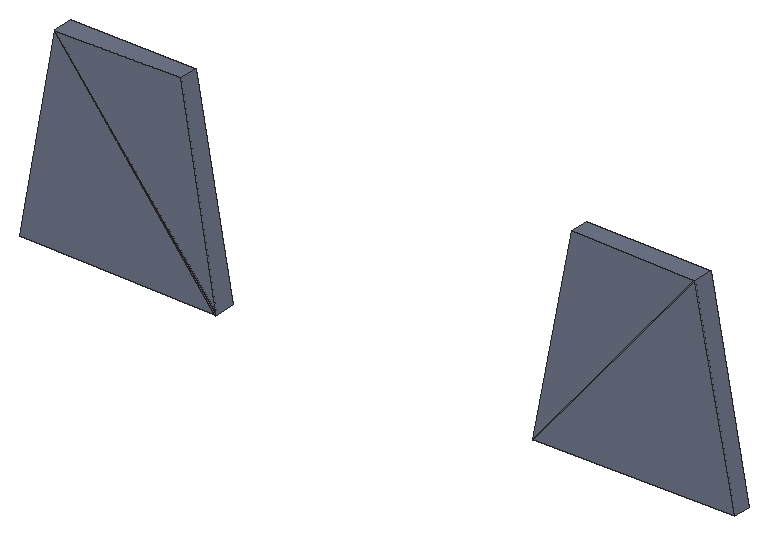
Revit family "Waveline 3D Small (Left + Right)", category Generic Models, Revit 2019
Family settings
  Can host rebar = No
  Round Connector Dimension = Use Diameter
  Part Type = Normal
  Work Plane-Based = No
  Always vertical = Yes
  Cut with Voids When Loaded = No
  Shared = No
  Room Calculation Point = No
Parameters
  Xorel = Meteor 751
Reference planes (in)
  plane 1 "Center (Front/Back)": y = 0
  plane 2: z = 0
  plane 3 "Center (Left/Right)": x = 0
Forms (in)
  Extrusion 1, solid, material "Meteor 751" <- "Xorel"
    sketch origin (0, 0, 0) x (1, 0, 0) y (0, 0, 1)
      loop
        line (-11.12792, 12) -> (-13.37792, 0) -> (-1.37792, 0) -> (-3.62792, 12) -> (-11.12792, 12)
    from 0 to 1.25
  Extrusion 2, solid, material "Meteor 751" <- "Xorel"
    sketch origin (0, 0, 0) x (1, 0, 0) y (0, 0, 1)
      loop
        line (19.98501, 12) -> (17.73501, 0) -> (29.73501, 0) -> (27.48501, 12) -> (19.98501, 12)
    from 0 to 1.25
  Extrusion 3, void
    sketch origin (-14.11303, -0.625, 6.69803) x (0, 1, 0) y (0.777146, 0, 0.62932)
      loop
        line (-0.625, -4.06816) -> (-0.38267, -4.06816) -> (-0.625, 5.625) -> (-0.625, -4.06816)
    from -3.2317 to 14.11506
  Extrusion 4, void
    sketch origin (30.49401, -0.625, 6.739) x (0, 1, 0) y (0.777146, 0, -0.62932)
      loop
        line (-0.625, 4.35071) -> (-0.625, -5.625) -> (-0.37561, 4.35071) -> (-0.625, 4.35071)
    from -3.2317 to 14.11506
  Extrusion 5, void
    sketch origin (21.71336, -0.625, 13.84942) x (0, 1, 0) y (0.777146, 0, -0.62932)
      loop
        line (-0.625, -4.35071) -> (-0.37561, -4.35071) -> (-0.625, 5.625) -> (-0.625, -4.35071)
    from -3.2317 to 14.11506
  Extrusion 6, void
    sketch origin (-5.32716, -0.625, 13.83655) x (0, 1, 0) y (0.77508, 0, 0.631863)
      loop
        line (-0.625, 4.06816) -> (-0.625, -5.625) -> (-0.38267, 4.06816) -> (-0.625, 4.06816)
    from -3.2317 to 14.11506
Cuts and joins
  Extrusion 3, Extrusion 6 cuts Extrusion 1
  Extrusion 4, Extrusion 5 cuts Extrusion 2
Lines and regions (in)
  model lines
    curve 1: line (27.48501, 0, 12) -> (17.72519, 0, -0.05237)
Dimensions and locks (in)
  aligned and locked: plane 2 to level
